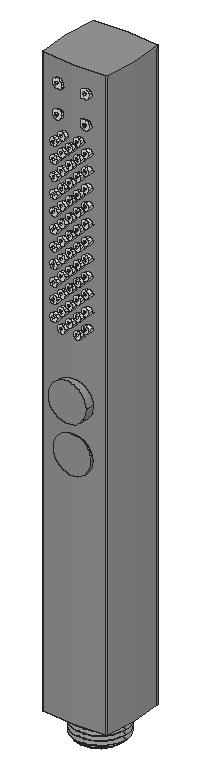
Revit family "Shower-Handshower-KOHLER-SHIFT-K-21336T", category Plumbing Fixtures, host Face, Revit 2017 (continued)
Definition of nested family "K-21336T"
  Lines and regions (in)
    symbolic lines, detail levels medium+fine
      curve 346: line (-0.33215, -0.59022, 0) -> (-0.30122, -0.59022, 0)
      curve 347: line (-0.30122, -0.59022, 0) -> (-0.30122, -0.65484, 0)
      curve 348: line (-0.20588, -0.56127, 0) -> (-0.20588, -0.59022, 0)
      curve 349: line (-0.20588, -0.59022, 0) -> (-0.08272, -0.59022, 0)
      curve 350: line (-0.08272, -0.54964, 0) -> (-0.08272, -0.59022, 0)
      curve 351: line (-0.07878, -0.54973, 0) -> (-0.07878, -0.59022, 0)
      curve 352: line (-0.07878, -0.59022, 0) -> (0.04218, -0.59022, 0)
      curve 353: line (0.04218, -0.59022, 0) -> (0.04218, -0.5499, 0)
      curve 354: line (0.04623, -0.54981, 0) -> (0.04623, -0.59022, 0)
      curve 355: line (0.04623, -0.59022, 0) -> (0.16919, -0.59022, 0)
      curve 356: line (0.16919, -0.56127, 0) -> (0.16919, -0.59022, 0)
      curve 357: line (0.1732, -0.56127, 0) -> (0.1732, -0.59022, 0)
      curve 358: line (0.1732, -0.59022, 0) -> (0.29554, -0.59022, 0)
      curve 359: line (0.29554, -0.53505, 0) -> (0.29554, -0.59022, 0)
      curve 360: line (0.51212, 0, 0.39173) -> (0.51212, 0, 9.84252)
      curve 361: line (-0.51705, 0, 0.39173) -> (-0.51705, 0, 9.84055)
      curve 362: line (-0.318, -0.56127, 0) -> (-0.16781, -0.56127, 0)
      curve 363: line (-0.16781, -0.54624, 0) -> (-0.16781, -0.56127, 0)
      curve 364: line (-0.318, -0.53385, 0) -> (-0.318, -0.56127, 0)
      curve 365: arc (-0.33197, -0.53228, 0) -> (-0.10501, -0.549, 0) -> (0.12257, -0.54709, 0) r 2.77917
      curve 366: arc (0.30272, -0.53722, 0) -> (0.21274, -0.54393, 0) -> (0.12257, -0.54709, 0) r 2.28782
      curve 367: line (0.13116, -0.54695, 0) -> (0.13116, -0.56127, 0)
      curve 368: line (0.13116, -0.56127, 0) -> (0.28146, -0.56127, 0)
      curve 369: line (0.28146, -0.53913, 0) -> (0.28146, -0.56127, 0)
      curve 370: line (0, -0.55118, 8.84521) -> (0, -0.55118, 5.961)
  Dimensions and locks (in)
    locked: plane 4 to level at 9.84252
    equal spacing: plane 5, plane 1 "Center (Front/Back)", plane 7, locked at 0.55118 each
    locked: plane 5 to plane 7 at 1.10236
    aligned and locked: plane 2 to level
    aligned and locked: curve 129 to cut or joined group of Extrusion 4, Extrusion 5
    aligned and locked: curve 285 to cut or joined group of Extrusion 2, Extrusion 8, Revolve 9
  Automatic sketch dimensions
    Extrusion 2 sketch curve to plane 3 "Center (Left/Right)" = 0"  (x2)
    Extrusion 2 sketch curve to plane 3 "Center (Left/Right)" = 0.01584"  (x2)
    plane 3 "Center (Left/Right)" to Extrusion 2 sketch curve = 0.01584"  (x2)
    Extrusion 2 sketch curve to plane 5 = 2.45559"
    Extrusion 2 sketch curve to Extrusion 2 sketch curve = 0"  (x3)
    plane 7 to Extrusion 2 sketch curve = 0.06685"  (x2)
    Extrusion 2 sketch curve to plane 3 "Center (Left/Right)" = 0.48415"
    plane 1 "Center (Front/Back)" to Extrusion 2 sketch curve = 0"  (x2)
    plane 1 "Center (Front/Back)" to Extrusion 2 sketch curve = 0.0343"  (x2)
    Extrusion 2 sketch curve to Extrusion 2 sketch curve = 2.78527"
    Extrusion 2 sketch curve to plane 1 "Center (Front/Back)" = 0.0343"  (x2)
    plane 5 to Extrusion 2 sketch curve = 0.06685"  (x2)
    plane 6 to Extrusion 2 sketch curve = 2.18065"
    Extrusion 2 sketch curve to Extrusion 2 sketch curve = 2.74976"
    Extrusion 4 sketch curve to Extrusion 4 sketch curve = 0"  (x128)
    Extrusion 4 sketch curve to plane 3 "Center (Left/Right)" = 0.27169"
    Extrusion 4 sketch curve to plane 3 "Center (Left/Right)" = 0.27115"
    Extrusion 4 sketch curve to plane 3 "Center (Left/Right)" = 0.271"
    Extrusion 4 sketch curve to plane 3 "Center (Left/Right)" = 0.27097"
    Extrusion 4 sketch curve to Extrusion 4 sketch curve = 0.00019"
    Extrusion 4 sketch curve to Extrusion 4 sketch curve = 0.00042"
    Extrusion 4 sketch curve to Extrusion 4 sketch curve = 0.00089"
    Extrusion 4 sketch curve to plane 3 "Center (Left/Right)" = 0.2429"
    Extrusion 4 sketch curve to plane 3 "Center (Left/Right)" = 0.24288"
    Extrusion 4 sketch curve to Extrusion 4 sketch curve = 0.04936"  (x2)
    Extrusion 4 sketch curve to Extrusion 4 sketch curve = 0.05324"
    Extrusion 4 sketch curve to Extrusion 4 sketch curve = 0.02571"
    Extrusion 4 sketch curve to Extrusion 4 sketch curve = 0.02572"  (x4)
    Extrusion 4 sketch curve to Extrusion 4 sketch curve = 0.02186"  (x2)
    Extrusion 4 sketch curve to plane 3 "Center (Left/Right)" = 0.14546"  (x4)
    Extrusion 4 sketch curve to plane 3 "Center (Left/Right)" = 0.14529"
    Extrusion 4 sketch curve to plane 3 "Center (Left/Right)" = 0.14491"
    Extrusion 4 sketch curve to plane 3 "Center (Left/Right)" = 0.14465"
    Extrusion 4 sketch curve to plane 3 "Center (Left/Right)" = 0.14447"
    Extrusion 4 sketch curve to plane 3 "Center (Left/Right)" = 0.14446"
    Extrusion 4 sketch curve to plane 3 "Center (Left/Right)" = 0.14413"
    Extrusion 4 sketch curve to plane 3 "Center (Left/Right)" = 0.14382"
    Extrusion 4 sketch curve to plane 3 "Center (Left/Right)" = 0.1432"
    Extrusion 4 sketch curve to plane 3 "Center (Left/Right)" = 0.01828"  (x11)
    plane 3 "Center (Left/Right)" to Extrusion 4 sketch curve = 0.10663"
    plane 3 "Center (Left/Right)" to Extrusion 4 sketch curve = 0.10726"
    plane 3 "Center (Left/Right)" to Extrusion 4 sketch curve = 0.10757"
    plane 3 "Center (Left/Right)" to Extrusion 4 sketch curve = 0.1079"  (x2)
    plane 3 "Center (Left/Right)" to Extrusion 4 sketch curve = 0.10809"
    plane 3 "Center (Left/Right)" to Extrusion 4 sketch curve = 0.10835"
    plane 3 "Center (Left/Right)" to Extrusion 4 sketch curve = 0.10873"
    plane 3 "Center (Left/Right)" to Extrusion 4 sketch curve = 0.10889"  (x4)
    plane 3 "Center (Left/Right)" to Extrusion 4 sketch curve = 0.13123"  (x2)
    Extrusion 4 sketch curve to Extrusion 4 sketch curve = 0.0751"
    Extrusion 4 sketch curve to Extrusion 4 sketch curve = 0.12562"
    Extrusion 4 sketch curve to Extrusion 4 sketch curve = 0.12645"  (x3)
    Extrusion 4 sketch curve to Extrusion 4 sketch curve = 0.1265"  (x4)
    Extrusion 4 sketch curve to Extrusion 4 sketch curve = 0.12552"  (x5)
    Extrusion 4 sketch curve to Extrusion 4 sketch curve = 0.12571"  (x3)
    Extrusion 4 sketch curve to Extrusion 4 sketch curve = 0.12678"
    Extrusion 4 sketch curve to plane 4 = 3.82105"
    Extrusion 4 sketch curve to Extrusion 4 sketch curve = 1/8"  (x5)
    Extrusion 4 sketch curve to Extrusion 4 sketch curve = 0.12717"
    Extrusion 4 sketch curve to Extrusion 4 sketch curve = 0.12673"  (x2)
    Extrusion 4 sketch curve to Extrusion 4 sketch curve = 0.12327"
    Extrusion 4 sketch curve to Extrusion 4 sketch curve = 0.12578"  (x2)
    Extrusion 4 sketch curve to Extrusion 4 sketch curve = 0.12509"
    Extrusion 4 sketch curve to Extrusion 4 sketch curve = 0.12594"  (x2)
    Extrusion 4 sketch curve to Extrusion 4 sketch curve = 0.12701"  (x2)
    Extrusion 4 sketch curve to Extrusion 4 sketch curve = 0.12459"
    Extrusion 4 sketch curve to Extrusion 4 sketch curve = 0.12689"  (x2)
    Extrusion 4 sketch curve to Extrusion 4 sketch curve = 0.12506"  (x2)
    Extrusion 4 sketch curve to Extrusion 4 sketch curve = 0.12494"  (x2)
    Extrusion 4 sketch curve to Extrusion 4 sketch curve = 0.12654"
    Extrusion 4 sketch curve to Extrusion 4 sketch curve = 0.12641"  (x2)
    Extrusion 4 sketch curve to Extrusion 4 sketch curve = 0.12359"
    Extrusion 4 sketch curve to Extrusion 4 sketch curve = 0.12482"  (x2)
    Extrusion 4 sketch curve to Extrusion 4 sketch curve = 0.12683"  (x2)
    Extrusion 4 sketch curve to Extrusion 4 sketch curve = 0.12577"
    Extrusion 4 sketch curve to Extrusion 4 sketch curve = 0.12695"  (x2)
    Extrusion 4 sketch curve to Extrusion 4 sketch curve = 0.12523"  (x2)
    Extrusion 4 sketch curve to Extrusion 4 sketch curve = 0.12601"
    Extrusion 4 sketch curve to Extrusion 4 sketch curve = 0.12693"  (x2)
    Extrusion 4 sketch curve to Extrusion 4 sketch curve = 0.12507"  (x2)
    Extrusion 4 sketch curve to Extrusion 4 sketch curve = 0.12792"
    Extrusion 4 sketch curve to Extrusion 4 sketch curve = 0.12557"  (x2)
    Extrusion 4 sketch curve to Extrusion 4 sketch curve = 0.12423"
    Extrusion 4 sketch curve to Extrusion 4 sketch curve = 0.12454"  (x2)
    Extrusion 4 sketch curve to Extrusion 4 sketch curve = 0.12649"  (x2)
    Extrusion 4 sketch curve to Extrusion 4 sketch curve = 0.26355"  (x2)
    Extrusion 4 sketch curve to Extrusion 4 sketch curve = 0.00017"  (x2)
    Extrusion 4 sketch curve to Extrusion 4 sketch curve = 0.29903"  (x2)
    Extrusion 4 sketch curve to Extrusion 4 sketch curve = 0.05305"  (x2)
    Extrusion 5 sketch curve to plane 5 = 1 153/256"  (x2)
    Extrusion 5 sketch curve to plane 5 = 0.03904"
    Extrusion 5 sketch curve to plane 5 = 0.01009"
    Extrusion 5 sketch curve to plane 4 = 3.95528"
    Extrusion 5 sketch curve to plane 4 = 0.90049"
    Extrusion 5 sketch curve to Extrusion 5 sketch curve = 0.02681"
    Extrusion 5 sketch curve to plane 4 = 0.19764"
    Revolve 3 sketch curve to level = 0"  (x2)
    Revolve 3 sketch curve to plane 3 "Center (Left/Right)" = 0"  (x2)
    Revolve 3 sketch curve to plane 3 "Center (Left/Right)" = 0.19694"
    Revolve 3 sketch curve to Revolve 3 sketch curve = 0.08653"
    Revolve 3 sketch curve to Revolve 3 sketch curve = 0.09859"
    Revolve 3 sketch curve to Revolve 3 sketch curve = 0.03543"
    Revolve 3 sketch curve to Revolve 3 sketch curve = 0.01187"
    Revolve 3 sketch curve to Revolve 3 sketch curve = 0.04715"
    Revolve 3 sketch curve to Revolve 3 sketch curve = 0.06304"
    level to Revolve 3 sketch curve = 0.04441"
    Revolve 3 sketch curve to Revolve 3 sketch curve = 0.01266"
    Revolve 3 sketch curve to Revolve 3 sketch curve = 0.00346"
    Revolve 3 sketch curve to Revolve 3 sketch curve = 0.00003"
    Revolve 3 sketch curve to Revolve 3 sketch curve = 0.0004"
    level to Revolve 3 sketch curve = 0.11033"
    Revolve 3 sketch curve to Revolve 3 sketch curve = 0.00163"
    level to Revolve 3 sketch curve = 0.07549"
    Revolve 3 sketch curve to Revolve 3 sketch curve = 0.04786"
    Revolve 3 sketch curve to Revolve 3 sketch curve = 0.04745"
    Revolve 3 sketch curve to Revolve 3 sketch curve = 0.04726"
    level to Revolve 3 sketch curve = 0.14556"
    Revolve 3 sketch curve to Revolve 3 sketch curve = 0.04676"
    Revolve 3 sketch curve to Revolve 3 sketch curve = 0.0719"
    Revolve 3 sketch curve to Revolve 3 sketch curve = 0.03704"
    Revolve 3 sketch curve to Revolve 3 sketch curve = 0.03561"
    Revolve 3 sketch curve to Revolve 3 sketch curve = 0.03628"
    Revolve 3 sketch curve to Revolve 3 sketch curve = 0.03446"
    Revolve 3 sketch curve to Revolve 3 sketch curve = 0.0263"
    Revolve 3 sketch curve to Revolve 3 sketch curve = 0.00123"
    Revolve 3 sketch curve to Revolve 3 sketch curve = 0.04134"
    Revolve 3 sketch curve to Revolve 3 sketch curve = 0.05912"
    Revolve 3 sketch curve to Revolve 3 sketch curve = 0.1771"
    Revolve 3 sketch curve to Revolve 3 sketch curve = 0.07874"
    Revolve 3 sketch curve to Revolve 3 sketch curve = 0.08268"
    Revolve 3 sketch curve to Revolve 3 sketch curve = 0.0748"
    Revolve 3 sketch curve to level = 0.19034"
    Revolve 3 sketch curve to Revolve 3 sketch curve = 0.0474"
    level to Revolve 3 sketch curve = 0.02597"
    Revolve 3 sketch curve to Revolve 3 sketch curve = 0.01331"
    Revolve 3 sketch curve to level = 0.05103"
    Revolve 3 sketch curve to Revolve 3 sketch curve = 0.02166"
    Extrusion 6 sketch curve to plane 3 "Center (Left/Right)" = 0"
    Extrusion 6 sketch curve to plane 4 = 4.79095"
    Extrusion 7 sketch curve to plane 3 "Center (Left/Right)" = 0"
    level to Extrusion 7 sketch curve = 4.26322"
    Extrusion 1 sketch curve to plane 3 "Center (Left/Right)" = 0"  (x2)
    plane 5 to Extrusion 1 sketch curve = 0.06183"
    Extrusion 1 sketch curve to plane 3 "Center (Left/Right)" = 0.49011"
    plane 7 to Extrusion 1 sketch curve = 0.06014"
    Extrusion 1 sketch curve to plane 3 "Center (Left/Right)" = 0.49429"
    Extrusion 1 sketch curve to plane 1 "Center (Front/Back)" = 0.00791"  (x2)
    Extrusion 1 sketch curve to Extrusion 1 sketch curve = 2.63046"
    plane 5 to Extrusion 1 sketch curve = 0.06218"
    plane 3 "Center (Left/Right)" to Extrusion 1 sketch curve = 0.48976"
    plane 7 to Extrusion 1 sketch curve = 0.06186"
    plane 3 "Center (Left/Right)" to Extrusion 1 sketch curve = 0.4926"
    Extrusion 1 sketch curve to plane 7 = 2.18347"
    Extrusion 1 sketch curve to Extrusion 1 sketch curve = 0.00373"
    Extrusion 1 sketch curve to Extrusion 1 sketch curve = 0"  (x5)
    Extrusion 1 sketch curve to Extrusion 1 sketch curve = 0.02276"
    Extrusion 1 sketch curve to Extrusion 1 sketch curve = 0.00369"
    Masking region 1 sketch curve to level = 0"
    Masking region 1 sketch curve to plane 3 "Center (Left/Right)" = 0.54896"
    level to Masking region 1 sketch curve = 0.14556"  (x2)
    Masking region 1 sketch curve to Masking region 1 sketch curve = 0.1391"
    Masking region 1 sketch curve to Masking region 1 sketch curve = 0.00015"
    Masking region 1 sketch curve to Masking region 1 sketch curve = 0.00023"
    level to Masking region 1 sketch curve = 0.07549"  (x2)
    Masking region 1 sketch curve to Masking region 1 sketch curve = 0.00052"
    level to Masking region 1 sketch curve = 0.11033"  (x2)
    Masking region 1 sketch curve to Masking region 1 sketch curve = 0.04623"
    Masking region 1 sketch curve to Masking region 1 sketch curve = 0.04726"  (x2)
    Masking region 1 sketch curve to Masking region 1 sketch curve = 0.04743"
    Masking region 1 sketch curve to Masking region 1 sketch curve = 0.04745"  (x2)
    level to Masking region 1 sketch curve = 0.04441"  (x2)
    Masking region 1 sketch curve to Masking region 1 sketch curve = 0.04786"  (x2)
    Masking region 1 sketch curve to Masking region 1 sketch curve = 0.03395"
    level to Masking region 1 sketch curve = 0.03922"
    Masking region 1 sketch curve to Masking region 1 sketch curve = 0.03688"
    level to Masking region 1 sketch curve = 0.03949"
    plane 3 "Center (Left/Right)" to Masking region 1 sketch curve = 0.32648"
    Masking region 1 sketch curve to level = 0.03689"
    Masking region 1 sketch curve to Masking region 1 sketch curve = 0.00467"
    Masking region 1 sketch curve to Masking region 1 sketch curve = 0.01766"
    Masking region 1 sketch curve to Masking region 1 sketch curve = 0.03499"
    Masking region 1 sketch curve to Masking region 1 sketch curve = 0.00056"
    Masking region 1 sketch curve to Masking region 1 sketch curve = 0.00003"
    Masking region 1 sketch curve to Masking region 1 sketch curve = 0.0004"
    Masking region 1 sketch curve to Masking region 1 sketch curve = 0.00163"
    level to Masking region 1 sketch curve = 0.02597"  (x2)
    Masking region 1 sketch curve to Masking region 1 sketch curve = 0.04676"
    Masking region 1 sketch curve to plane 4 = 0.00197"
    plane 3 "Center (Left/Right)" to Masking region 1 sketch curve = 0.54896"
    Masking region 1 sketch curve to Masking region 1 sketch curve = 0.03704"  (x2)
    Masking region 1 sketch curve to Masking region 1 sketch curve = 0.03561"  (x2)
    Masking region 1 sketch curve to Masking region 1 sketch curve = 0.03628"  (x2)
    Masking region 1 sketch curve to Masking region 1 sketch curve = 0.03446"  (x2)
    Masking region 1 sketch curve to Masking region 1 sketch curve = 0.0263"  (x2)
    Masking region 1 sketch curve to Masking region 1 sketch curve = 0.07648"
    Masking region 1 sketch curve to Masking region 1 sketch curve = 0.10278"
    Masking region 1 sketch curve to Masking region 1 sketch curve = 0.01331"
    Masking region 1 sketch curve to Masking region 1 sketch curve = 0.02597"
    Masking region 3 sketch curve to plane 3 "Center (Left/Right)" = 0"  (x2)
    Masking region 3 sketch curve to plane 5 = 0.10366"
    Masking region 3 sketch curve to plane 3 "Center (Left/Right)" = 0.33155"
    plane 5 to Masking region 3 sketch curve = 0.0623"
    Masking region 3 sketch curve to Masking region 3 sketch curve = 0.15812"
    plane 7 to Masking region 3 sketch curve = 0.06014"
    Masking region 3 sketch curve to plane 3 "Center (Left/Right)" = 0.49429"
    Masking region 3 sketch curve to plane 3 "Center (Left/Right)" = 1.33381"
    Masking region 3 sketch curve to plane 1 "Center (Front/Back)" = 0.00791"  (x2)
    Masking region 3 sketch curve to Masking region 3 sketch curve = 2.63046"
    Masking region 3 sketch curve to Masking region 3 sketch curve = 0.30248"
    plane 5 to Masking region 3 sketch curve = 0.06218"
    Masking region 3 sketch curve to Masking region 3 sketch curve = 0.18727"
    plane 7 to Masking region 3 sketch curve = 0.06186"
    plane 3 "Center (Left/Right)" to Masking region 3 sketch curve = 0.4926"
    plane 3 "Center (Left/Right)" to Masking region 3 sketch curve = 1.33381"
    Masking region 3 sketch curve to Masking region 3 sketch curve = 2.63214"
    Masking region 3 sketch curve to Masking region 3 sketch curve = 2.0798"
    Masking region 3 sketch curve to Masking region 3 sketch curve = 5.96196"
    Masking region 3 sketch curve to Masking region 3 sketch curve = 0"  (x5)
    plane 5 to Masking region 3 sketch curve = 0.01538"
    Masking region 3 sketch curve to Masking region 3 sketch curve = 0.00259"
    Masking region 3 sketch curve to Masking region 3 sketch curve = 0.00379"
    Extrusion 8 sketch curve to plane 3 "Center (Left/Right)" = 0"  (x2)
    Extrusion 8 sketch curve to plane 1 "Center (Front/Back)" = 0.00791"  (x2)
    Extrusion 8 sketch curve to plane 5 = 2.18347"
    plane 7 to Extrusion 8 sketch curve = 0.0405"  (x2)
    Extrusion 8 sketch curve to plane 3 "Center (Left/Right)" = 0.51439"
    plane 5 to Extrusion 8 sketch curve = 0.04014"  (x2)
    Extrusion 8 sketch curve to Extrusion 8 sketch curve = 2.61035"
    Extrusion 8 sketch curve to plane 7 = 2.18347"
    Revolve 9 sketch curve to plane 3 "Center (Left/Right)" = 0"  (x2)
    Revolve 9 sketch curve to Revolve 9 sketch curve = 0.36203"
    Revolve 9 sketch curve to level = 0.00197"
    level to Revolve 9 sketch curve = 0.39131"
    Revolve 9 sketch curve to Revolve 9 sketch curve = 0.23794"
    Revolve 9 sketch curve to Revolve 9 sketch curve = 0"
    curve 14 to curve 18 = 0"  (x2)
    curve 14 to curve 19 = 0"  (x2)
    curve 18 to curve 19 = 0"  (x2)
    curve 20 to curve 21 = 0"  (x2)
    curve 20 to curve 22 = 0"  (x2)
    curve 21 to curve 22 = 0"  (x2)
    curve 27 to curve 31 = 0"  (x2)
    curve 27 to curve 32 = 0"  (x2)
    curve 31 to curve 32 = 0"  (x2)
    curve 36 to curve 37 = 0"  (x2)
    curve 36 to curve 38 = 0"  (x2)
    curve 37 to curve 38 = 0"  (x2)
    curve 39 to curve 40 = 0"  (x2)
    curve 39 to curve 41 = 0"  (x2)
    curve 39 to curve 42 = 0"  (x2)
    curve 40 to curve 41 = 0"  (x2)
    curve 40 to curve 42 = 0"  (x2)
    curve 41 to curve 42 = 0"  (x2)
    curve 43 to curve 44 = 0"  (x2)
    curve 43 to curve 45 = 0"  (x2)
    curve 43 to curve 46 = 0"  (x2)
    curve 44 to curve 45 = 0"  (x2)
    curve 44 to curve 46 = 0"  (x2)
    curve 45 to curve 46 = 0"  (x2)
    curve 47 to curve 48 = 0"  (x2)
    curve 47 to curve 49 = 0"  (x2)
    curve 47 to curve 50 = 0"  (x2)
    curve 48 to curve 49 = 0"  (x2)
    curve 48 to curve 50 = 0"  (x2)
    curve 49 to curve 50 = 0"  (x2)
    curve 51 to curve 52 = 0"  (x2)
    curve 51 to curve 53 = 0"  (x2)
    curve 51 to curve 54 = 0"  (x2)
    curve 52 to curve 53 = 0"  (x2)
    curve 52 to curve 54 = 0"  (x2)
    curve 53 to curve 54 = 0"  (x2)
    curve 55 to curve 56 = 0"  (x2)
    curve 55 to curve 57 = 0"  (x2)
    curve 55 to curve 58 = 0"  (x2)
    curve 56 to curve 57 = 0"  (x2)
    curve 56 to curve 58 = 0"  (x2)
    curve 57 to curve 58 = 0"  (x2)
    curve 59 to curve 60 = 0"  (x2)
    curve 59 to curve 61 = 0"  (x2)
    curve 59 to curve 62 = 0"  (x2)
    curve 60 to curve 61 = 0"  (x2)
    curve 60 to curve 62 = 0"  (x2)
    curve 61 to curve 62 = 0"  (x2)
    curve 63 to curve 64 = 0"  (x2)
    curve 63 to curve 65 = 0"  (x2)
    curve 63 to curve 66 = 0"  (x2)
    curve 64 to curve 65 = 0"  (x2)
    curve 64 to curve 66 = 0"  (x2)
    curve 65 to curve 66 = 0"  (x2)
    curve 67 to curve 68 = 0"  (x2)
    curve 67 to curve 69 = 0"  (x2)
    curve 67 to curve 70 = 0"  (x2)
    curve 68 to curve 69 = 0"  (x2)
    curve 68 to curve 70 = 0"  (x2)
    curve 69 to curve 70 = 0"  (x2)
    curve 71 to curve 72 = 0"  (x2)
    curve 71 to curve 73 = 0"  (x2)
    curve 71 to curve 74 = 0"  (x2)
    curve 72 to curve 73 = 0"  (x2)
    curve 72 to curve 74 = 0"  (x2)
    curve 73 to curve 74 = 0"  (x2)
    curve 75 to curve 76 = 0"  (x2)
    curve 75 to curve 77 = 0"  (x2)
    curve 75 to curve 78 = 0"  (x2)
    curve 76 to curve 77 = 0"  (x2)
    curve 76 to curve 78 = 0"  (x2)
    curve 77 to curve 78 = 0"  (x2)
    curve 79 to curve 80 = 0"  (x2)
    curve 79 to curve 81 = 0"  (x2)
    curve 79 to curve 82 = 0"  (x2)
    curve 80 to curve 81 = 0"  (x2)
    curve 80 to curve 82 = 0"  (x2)
    curve 81 to curve 82 = 0"  (x2)
    curve 83 to curve 84 = 0"  (x2)
    curve 83 to curve 85 = 0"  (x2)
    curve 83 to curve 86 = 0"  (x2)
    curve 84 to curve 85 = 0"  (x2)
    curve 84 to curve 86 = 0"  (x2)
    curve 85 to curve 86 = 0"  (x2)
    curve 87 to curve 88 = 0"  (x2)
    curve 87 to curve 89 = 0"  (x2)
    curve 87 to curve 90 = 0"  (x2)
    curve 88 to curve 89 = 0"  (x2)
    curve 88 to curve 90 = 0"  (x2)
    curve 89 to curve 90 = 0"  (x2)
    curve 91 to curve 92 = 0"  (x2)
    curve 91 to curve 93 = 0"  (x2)
    curve 91 to curve 94 = 0"  (x2)
    curve 92 to curve 93 = 0"  (x2)
    curve 92 to curve 94 = 0"  (x2)
    curve 93 to curve 94 = 0"  (x2)
    curve 95 to curve 96 = 0"  (x2)
    curve 95 to curve 97 = 0"  (x2)
    curve 95 to curve 98 = 0"  (x2)
    curve 96 to curve 97 = 0"  (x2)
    curve 96 to curve 98 = 0"  (x2)
    curve 97 to curve 98 = 0"  (x2)
    curve 99 to curve 100 = 0"  (x2)
    curve 99 to curve 101 = 0"  (x2)
    curve 99 to curve 106 = 0"  (x2)
    curve 99 to curve 107 = 0"  (x2)
    curve 99 to curve 108 = 0"  (x2)
    curve 99 to curve 110 = 0"  (x2)
    curve 100 to curve 101 = 0"  (x2)
    curve 100 to curve 106 = 0"  (x3)
    curve 100 to curve 107 = 0"  (x2)
    curve 100 to curve 108 = 0"  (x2)
    curve 100 to curve 110 = 0"  (x2)
    curve 101 to curve 106 = 0"  (x2)
    curve 101 to curve 107 = 0"  (x2)
    curve 101 to curve 108 = 0"  (x2)
    curve 101 to curve 110 = 0"  (x2)
    curve 102 to curve 103 = 0"  (x2)
    curve 102 to curve 104 = 0"  (x2)
    curve 102 to curve 105 = 0"  (x2)
    curve 102 to curve 109 = 0"  (x3)
    curve 103 to curve 104 = 0"  (x2)
    curve 103 to curve 105 = 0"  (x2)
    curve 103 to curve 109 = 0"  (x2)
    curve 104 to curve 105 = 0"  (x2)
    curve 104 to curve 109 = 0"  (x2)
    curve 105 to curve 109 = 0"  (x2)
    curve 106 to curve 107 = 0"  (x2)
    curve 106 to curve 108 = 0"  (x2)
    curve 106 to curve 110 = 0"  (x2)
    curve 107 to curve 108 = 0"  (x2)
    curve 107 to curve 110 = 0"  (x2)
    curve 108 to curve 110 = 0"  (x2)
    curve 111 to curve 112 = 0"  (x2)
    curve 111 to curve 113 = 0"  (x2)
    curve 111 to curve 114 = 0"  (x2)
    curve 112 to curve 113 = 0"  (x2)
    curve 112 to curve 114 = 0"  (x2)
    curve 113 to curve 114 = 0"  (x2)
    curve 115 to curve 116 = 0"  (x2)
    curve 115 to curve 117 = 0"  (x2)
    curve 115 to curve 118 = 0"  (x2)
    curve 116 to curve 117 = 0"  (x2)
    curve 116 to curve 118 = 0"  (x2)
    curve 117 to curve 118 = 0"  (x2)
    curve 119 to curve 120 = 0"  (x2)
    curve 119 to curve 121 = 0"  (x2)
    curve 119 to curve 122 = 0"  (x2)
    curve 120 to curve 121 = 0"  (x2)
    curve 120 to curve 122 = 0"  (x2)
    curve 121 to curve 122 = 0"  (x2)
    curve 123 to curve 124 = 0"  (x2)
    curve 123 to curve 125 = 0"  (x2)
    curve 123 to curve 126 = 0"  (x2)
    curve 124 to curve 125 = 0"  (x2)
    curve 124 to curve 126 = 0"  (x2)
    curve 125 to curve 126 = 0"  (x2)
    curve 127 to curve 128 = 0"  (x2)
    curve 131 to curve 132 = 0"  (x2)
    curve 131 to curve 133 = 0"  (x2)
    curve 131 to curve 134 = 0"  (x2)
    curve 132 to curve 133 = 0"  (x2)
    curve 132 to curve 134 = 0"  (x2)
    curve 133 to curve 134 = 0"  (x2)
    curve 135 to curve 136 = 0"  (x2)
    curve 135 to curve 137 = 0"  (x2)
    curve 135 to curve 138 = 0"  (x2)
    curve 136 to curve 137 = 0"  (x2)
    curve 136 to curve 138 = 0"  (x2)
    curve 137 to curve 138 = 0"  (x2)
    curve 139 to curve 140 = 0"  (x2)
    curve 139 to curve 141 = 0"  (x2)
    curve 139 to curve 142 = 0"  (x2)
    curve 140 to curve 141 = 0"  (x2)
    curve 140 to curve 142 = 0"  (x2)
    curve 141 to curve 142 = 0"  (x2)
    curve 143 to curve 144 = 0"  (x2)
    curve 143 to curve 145 = 0"  (x2)
    curve 143 to curve 146 = 0"  (x2)
    curve 144 to curve 145 = 0"  (x2)
    curve 144 to curve 146 = 0"  (x2)
    curve 145 to curve 146 = 0"  (x2)
    curve 147 to curve 148 = 0"  (x2)
    curve 147 to curve 149 = 0"  (x2)
    curve 147 to curve 150 = 0"  (x2)
    curve 148 to curve 149 = 0"  (x2)
    curve 148 to curve 150 = 0"  (x2)
    curve 149 to curve 150 = 0"  (x2)
    curve 151 to curve 152 = 0"  (x2)
    curve 151 to curve 153 = 0"  (x2)
    curve 151 to curve 154 = 0"  (x2)
    curve 152 to curve 153 = 0"  (x2)
    curve 152 to curve 154 = 0"  (x2)
    curve 153 to curve 154 = 0"  (x2)
    curve 155 to curve 156 = 0"  (x2)
    curve 155 to curve 157 = 0"  (x2)
    curve 155 to curve 158 = 0"  (x2)
    curve 155 to curve 163 = 0"  (x2)
    curve 156 to curve 157 = 0"  (x2)
    curve 156 to curve 158 = 0"  (x2)
    curve 156 to curve 163 = 0"  (x2)
    curve 157 to curve 158 = 0"  (x2)
    curve 157 to curve 163 = 0"  (x2)
    curve 158 to curve 163 = 0"  (x2)
    curve 159 to curve 160 = 0"  (x2)
    curve 159 to curve 161 = 0"  (x2)
    curve 159 to curve 162 = 0"  (x2)
    curve 160 to curve 161 = 0"  (x2)
    curve 160 to curve 162 = 0"  (x2)
    curve 161 to curve 162 = 0"  (x2)
    curve 164 to curve 165 = 0"  (x2)
    curve 164 to curve 166 = 0"  (x2)
    curve 164 to curve 167 = 0"  (x2)
    curve 165 to curve 166 = 0"  (x2)
    curve 165 to curve 167 = 0"  (x2)
    curve 166 to curve 167 = 0"  (x2)
    curve 168 to curve 169 = 0"  (x2)
    curve 168 to curve 170 = 0"  (x2)
    curve 168 to curve 171 = 0"  (x2)
    curve 169 to curve 170 = 0"  (x2)
    curve 169 to curve 171 = 0"  (x2)
    curve 170 to curve 171 = 0"  (x2)
    curve 172 to curve 173 = 0"  (x2)
    curve 172 to curve 174 = 0"  (x2)
    curve 172 to curve 175 = 0"  (x2)
    curve 173 to curve 174 = 0"  (x2)
    curve 173 to curve 175 = 0"  (x2)
    curve 174 to curve 175 = 0"  (x2)
    curve 176 to curve 177 = 0"  (x2)
    curve 176 to curve 178 = 0"  (x2)
    curve 176 to curve 179 = 0"  (x2)
    curve 177 to curve 178 = 0"  (x2)
    curve 177 to curve 179 = 0"  (x2)
    curve 178 to curve 179 = 0"  (x2)
    curve 180 to curve 181 = 0"  (x2)
    curve 180 to curve 182 = 0"  (x2)
    curve 180 to curve 183 = 0"  (x2)
    curve 181 to curve 182 = 0"  (x2)
    curve 181 to curve 183 = 0"  (x2)
    curve 182 to curve 183 = 0"  (x2)
    curve 184 to curve 189 = 0"  (x2)
    curve 184 to curve 192 = 0"  (x2)
    curve 184 to curve 193 = 0"  (x2)
    curve 185 to curve 186 = 0"  (x2)
    curve 185 to curve 187 = 0"  (x2)
    curve 185 to curve 188 = 0"  (x2)
    curve 186 to curve 187 = 0"  (x2)
    curve 186 to curve 188 = 0"  (x2)
    curve 187 to curve 188 = 0"  (x2)
    curve 189 to curve 192 = 0"  (x2)
    curve 189 to curve 193 = 0"  (x2)
    curve 190 to curve 191 = 0"  (x2)
    curve 190 to curve 194 = 0"  (x2)
    curve 190 to curve 195 = 0"  (x2)
    curve 191 to curve 194 = 0"  (x2)
    curve 191 to curve 195 = 0"  (x2)
    curve 192 to curve 193 = 0"  (x2)
    curve 194 to curve 195 = 0"  (x2)
    curve 196 to curve 197 = 0"  (x2)
    curve 196 to curve 198 = 0"  (x2)
    curve 196 to curve 199 = 0"  (x2)
    curve 197 to curve 198 = 0"  (x2)
    curve 197 to curve 199 = 0"  (x2)
    curve 198 to curve 199 = 0"  (x2)
    curve 200 to curve 201 = 0"  (x2)
    curve 200 to curve 202 = 0"  (x2)
    curve 200 to curve 203 = 0"  (x2)
    curve 201 to curve 202 = 0"  (x2)
    curve 201 to curve 203 = 0"  (x2)
    curve 202 to curve 203 = 0"  (x2)
    curve 204 to curve 205 = 0"  (x2)
    curve 204 to curve 206 = 0"  (x2)
    curve 204 to curve 207 = 0"  (x2)
    curve 205 to curve 206 = 0"  (x2)
    curve 205 to curve 207 = 0"  (x2)
    curve 206 to curve 207 = 0"  (x2)
    curve 208 to curve 209 = 0"  (x2)
    curve 208 to curve 210 = 0"  (x2)
    curve 208 to curve 211 = 0"  (x2)
    curve 209 to curve 210 = 0"  (x2)
    curve 209 to curve 211 = 0"  (x2)
    curve 210 to curve 211 = 0"  (x2)
    curve 212 to curve 213 = 0"  (x2)
    curve 212 to curve 214 = 0"  (x2)
    curve 212 to curve 215 = 0"  (x2)
    curve 213 to curve 214 = 0"  (x2)
    curve 213 to curve 215 = 0"  (x2)
    curve 214 to curve 215 = 0"  (x2)
    curve 216 to curve 217 = 0"  (x2)
    curve 216 to curve 218 = 0"  (x2)
    curve 216 to curve 219 = 0"  (x2)
    curve 217 to curve 218 = 0"  (x2)
    curve 217 to curve 219 = 0"  (x2)
    curve 218 to curve 219 = 0"  (x2)
    curve 220 to curve 221 = 0"  (x2)
    curve 220 to curve 222 = 0"  (x2)
    curve 220 to curve 223 = 0"  (x2)
    curve 221 to curve 222 = 0"  (x2)
    curve 221 to curve 223 = 0"  (x2)
    curve 222 to curve 223 = 0"  (x2)
    curve 224 to curve 225 = 0"  (x2)
    curve 224 to curve 226 = 0"  (x2)
    curve 224 to curve 227 = 0"  (x2)
    curve 225 to curve 226 = 0"  (x2)
    curve 225 to curve 227 = 0"  (x2)
    curve 226 to curve 227 = 0"  (x2)
    curve 228 to curve 229 = 0"  (x2)
    curve 228 to curve 230 = 0"  (x2)
    curve 228 to curve 231 = 0"  (x2)
    curve 229 to curve 230 = 0"  (x2)
    curve 229 to curve 231 = 0"  (x2)
    curve 230 to curve 231 = 0"  (x2)
    curve 232 to curve 233 = 0"  (x2)
    curve 232 to curve 234 = 0"  (x2)
    curve 232 to curve 235 = 0"  (x2)
    curve 233 to curve 234 = 0"  (x2)
    curve 233 to curve 235 = 0"  (x2)
    curve 234 to curve 235 = 0"  (x2)
    curve 236 to curve 237 = 0"  (x2)
    curve 236 to curve 238 = 0"  (x2)
    curve 236 to curve 239 = 0"  (x2)
    curve 237 to curve 238 = 0"  (x2)
    curve 237 to curve 239 = 0"  (x2)
    curve 238 to curve 239 = 0"  (x2)
    curve 240 to curve 241 = 0"  (x2)
    curve 240 to curve 242 = 0"  (x2)
    curve 240 to curve 243 = 0"  (x2)
    curve 241 to curve 242 = 0"  (x2)
    curve 241 to curve 243 = 0"  (x2)
    curve 242 to curve 243 = 0"  (x2)
    curve 244 to curve 245 = 0"  (x2)
    curve 244 to curve 246 = 0"  (x2)
    curve 244 to curve 247 = 0"  (x2)
    curve 245 to curve 246 = 0"  (x2)
    curve 245 to curve 247 = 0"  (x2)
    curve 246 to curve 247 = 0"  (x2)
    curve 248 to curve 249 = 0"  (x2)
    curve 248 to curve 250 = 0"  (x2)
    curve 248 to curve 251 = 0"  (x2)
    curve 249 to curve 250 = 0"  (x2)
    curve 249 to curve 251 = 0"  (x2)
    curve 250 to curve 251 = 0"  (x2)
    curve 252 to curve 253 = 0"  (x2)
    curve 252 to curve 254 = 0"  (x2)
    curve 252 to curve 255 = 0"  (x2)
    curve 253 to curve 254 = 0"  (x2)
    curve 253 to curve 255 = 0"  (x2)
    curve 254 to curve 255 = 0"  (x2)
    curve 256 to curve 257 = 0"  (x2)
    curve 256 to curve 258 = 0"  (x2)
    curve 256 to curve 259 = 0"  (x2)
    curve 257 to curve 258 = 0"  (x2)
    curve 257 to curve 259 = 0"  (x2)
    curve 258 to curve 259 = 0"  (x2)
    curve 260 to curve 261 = 0"  (x2)
    curve 260 to curve 262 = 0"  (x2)
    curve 260 to curve 263 = 0"  (x2)
    curve 261 to curve 262 = 0"  (x2)
    curve 261 to curve 263 = 0"  (x2)
    curve 262 to curve 263 = 0"  (x2)
    curve 264 to curve 265 = 0"  (x2)
    curve 264 to curve 266 = 0"  (x2)
    curve 264 to curve 267 = 0"  (x2)
    curve 265 to curve 266 = 0"  (x2)
    curve 265 to curve 267 = 0"  (x2)
    curve 266 to curve 267 = 0"  (x2)
    curve 268 to curve 269 = 0"  (x2)
    curve 268 to curve 270 = 0"  (x2)
    curve 268 to curve 271 = 0"  (x2)
    curve 269 to curve 270 = 0"  (x2)
    curve 269 to curve 271 = 0"  (x2)
    curve 270 to curve 271 = 0"  (x2)
    curve 272 to curve 273 = 0"  (x2)
    curve 274 to curve 275 = 0"  (x2)
    curve 272 to plane 3 "Center (Left/Right)" = 0"
    curve 274 to plane 3 "Center (Left/Right)" = 0"
    curve 17 to plane 3 "Center (Left/Right)" = 0.18966"
    curve 29 to plane 3 "Center (Left/Right)" = 0.19352"
    curve 26 to curve 26 = 0.04936"
    curve 14 to curve 17 = 0.05324"
    curve 88 to plane 3 "Center (Left/Right)" = 0.27027"
    curve 134 to curve 129 = 0.10213"
    curve 50 to plane 3 "Center (Left/Right)" = 0.27096"
    curve 182 to plane 3 "Center (Left/Right)" = 0.27097"
    curve 214 to plane 3 "Center (Left/Right)" = 0.27097"
    curve 212 to curve 232 = 0"
    curve 180 to curve 191 = 0"
    curve 232 to curve 255 = 0"
    curve 113 to curve 128 = 0.10255"
    curve 70 to curve 47 = 0.00019"
    curve 161 to curve 131 = 0.00111"
    curve 28 to curve 30 = 0.02571"
    curve 28 to curve 30 = 0.02572"
    curve 17 to curve 16 = 0.02186"
    curve 246 to plane 3 "Center (Left/Right)" = 0.14546"
    curve 186 to plane 3 "Center (Left/Right)" = 0.14546"
    curve 210 to plane 3 "Center (Left/Right)" = 0.14546"
    curve 264 to plane 3 "Center (Left/Right)" = 0.14546"
    curve 104 to plane 3 "Center (Left/Right)" = 0.14529"
    curve 167 to plane 3 "Center (Left/Right)" = 0.14491"
    curve 81 to plane 3 "Center (Left/Right)" = 0.14465"
    curve 42 to plane 3 "Center (Left/Right)" = 0.14447"
    curve 60 to plane 3 "Center (Left/Right)" = 0.14446"
    curve 144 to plane 3 "Center (Left/Right)" = 0.14413"
    curve 225 to plane 3 "Center (Left/Right)" = 0.1432"
    curve 53 to plane 3 "Center (Left/Right)" = 0.01828"
    curve 178 to plane 3 "Center (Left/Right)" = 0.01828"
    curve 258 to plane 3 "Center (Left/Right)" = 0.01828"
    curve 163 to plane 3 "Center (Left/Right)" = 0.01828"
    curve 73 to plane 3 "Center (Left/Right)" = 0.01828"
    curve 116 to plane 3 "Center (Left/Right)" = 0.01828"
    curve 91 to plane 3 "Center (Left/Right)" = 0.01828"
    curve 197 to plane 3 "Center (Left/Right)" = 0.01828"
    curve 138 to plane 3 "Center (Left/Right)" = 0.01828"
    curve 239 to plane 3 "Center (Left/Right)" = 0.01828"
    curve 216 to plane 3 "Center (Left/Right)" = 0.01828"
    plane 3 "Center (Left/Right)" to curve 228 = 0.10663"
    plane 3 "Center (Left/Right)" to curve 126 = 0.10726"
    plane 3 "Center (Left/Right)" to curve 148 = 0.10757"
    plane 3 "Center (Left/Right)" to curve 63 = 0.1079"
    plane 3 "Center (Left/Right)" to curve 45 = 0.1079"
    plane 3 "Center (Left/Right)" to curve 86 = 0.10809"
    plane 3 "Center (Left/Right)" to curve 168 = 0.10835"
    plane 3 "Center (Left/Right)" to curve 106 = 0.10873"
    plane 3 "Center (Left/Right)" to curve 268 = 0.10889"
    plane 3 "Center (Left/Right)" to curve 250 = 0.10889"
    plane 3 "Center (Left/Right)" to curve 193 = 0.10889"
    plane 3 "Center (Left/Right)" to curve 204 = 0.10889"
    plane 3 "Center (Left/Right)" to curve 23 = 0.13123"
    plane 3 "Center (Left/Right)" to curve 34 = 0.13123"
    curve 33 to curve 34 = 0"
    curve 24 to curve 25 = 0.02186"
    curve 34 to curve 35 = 0.02572"
    curve 33 to curve 36 = 0.04936"
    curve 25 to curve 25 = 0.05324"
    curve 83 to curve 95 = 0.12562"
    curve 147 to curve 140 = 0.12645"
    curve 63 to curve 56 = 0.1265"
    curve 268 to curve 260 = 0.12552"
    curve 184 to curve 200 = 0.12552"
    curve 204 to curve 221 = 0.12552"
    curve 248 to curve 240 = 0.12552"
    curve 189 to curve 173 = 0.12552"
    curve 99 to curve 119 = 0.12571"
    curve 83 to curve 75 = 0.1265"
    curve 170 to curve 154 = 0.12678"
    curve 131 to curve 130 = 0.12628"
    curve 139 to curve 127 = 0.12628"
    curve 135 to curve 127 = 0.12695"
    curve 149 to curve 135 = 0.12577"
    curve 143 to curve 135 = 0.12577"
    curve 159 to curve 146 = 0.1256"
    curve 151 to curve 147 = 0.1256"
    curve 157 to curve 143 = 0.12683"
    curve 164 to curve 158 = 0.12359"
    curve 168 to curve 155 = 0.12359"
    curve 176 to curve 164 = 0.12641"
    curve 172 to curve 168 = 0.12801"
    curve 180 to curve 167 = 0.12801"
    curve 184 to curve 175 = 0.12494"
    curve 185 to curve 180 = 0.12494"
    curve 191 to curve 188 = 0.12506"
    curve 203 to curve 184 = 0.12506"
    curve 199 to curve 187 = 0.12736"
    curve 204 to curve 196 = 0.12459"
    curve 208 to curve 196 = 0.12459"
    curve 212 to curve 208 = 0.12701"
    curve 223 to curve 204 = 0.12701"
    curve 216 to curve 208 = 0.12787"
    curve 224 to curve 219 = 0.12509"
    curve 228 to curve 216 = 0.12509"
    curve 232 to curve 224 = 0.12406"
    curve 240 to curve 228 = 0.12406"
    curve 236 to curve 224 = 0.12578"
    curve 244 to curve 238 = 0.12327"
    curve 248 to curve 238 = 0.12327"
    curve 259 to curve 244 = 0.12673"
    curve 255 to curve 247 = 33/256"
    curve 260 to curve 248 = 33/256"
    curve 264 to curve 252 = 1/8"
    curve 268 to curve 260 = 1/8"
    curve 272 to curve 271 = 0.9699"
    curve 274 to curve 272 = 0.78835"
    curve 139 to curve 126 = 0.12628"
    curve 127 to curve 116 = 1/8"
    curve 123 to curve 119 = 0.12523"
    curve 127 to curve 114 = 0.12523"
    curve 119 to curve 110 = 0.12571"
    curve 111 to curve 109 = 0.12571"
    curve 102 to curve 92 = 0.12601"
    curve 99 to curve 96 = 0.12693"
    curve 102 to curve 90 = 0.12693"
    curve 96 to curve 86 = 0.12507"
    curve 87 to curve 82 = 0.12507"
    curve 83 to curve 78 = 0.1265"
    curve 79 to curve 67 = 0.1265"
    curve 79 to curve 71 = 0.12792"
    curve 71 to curve 66 = 0.12557"
    curve 71 to curve 62 = 0.12557"
    curve 59 to curve 52 = 0.12423"
    curve 63 to curve 55 = 0.12454"
    curve 59 to curve 50 = 0.12454"
    curve 58 to curve 46 = 0.12649"
    curve 47 to curve 42 = 0.12649"
    curve 45 to curve 38 = 0.26355"
    curve 39 to curve 27 = 0.26355"
    curve 31 to curve 30 = 0.00017"
    curve 38 to curve 34 = 0.00017"
    curve 34 to curve 33 = 0.02572"
    curve 30 to curve 28 = 0.02572"
    curve 35 to curve 25 = 0.29903"
    curve 27 to curve 15 = 0.29903"
    curve 23 to curve 23 = 0.05305"
    curve 16 to curve 16 = 0.05305"
    curve 144 to curve 143 = 0.02463"
    curve 60 to curve 59 = 0.02463"
    curve 41 to curve 39 = 0.02463"
    curve 80 to curve 79 = 0.02463"
    curve 165 to curve 164 = 0.02463"
    curve 103 to curve 102 = 0.02463"
    curve 209 to curve 208 = 0.02463"
    curve 266 to curve 264 = 0.02463"
    curve 185 to curve 185 = 0.02463"
    curve 245 to curve 244 = 0.02463"
    curve 227 to curve 224 = 0.06046"
    curve 127 to curve 128 = 0.03583"
    curve 143 to curve 144 = 0.03583"
    curve 59 to curve 60 = 0.03583"
    curve 39 to curve 41 = 0.03583"
    curve 79 to curve 80 = 0.03583"
    curve 164 to curve 165 = 0.03583"
    curve 109 to curve 103 = 0.03583"
    curve 247 to curve 245 = 0.03583"
    curve 188 to curve 185 = 0.03583"
    curve 211 to curve 209 = 0.03583"
    curve 267 to curve 265 = 0.03583"
    curve 87 to curve 90 = 0.06046"
    curve 131 to curve 131 = 0.06046"
    curve 27 to curve 32 = 0.03273"
    curve 47 to curve 47 = 0.06046"
    curve 212 to curve 212 = 0.06046"
    curve 252 to curve 255 = 0.06046"
    curve 232 to curve 232 = 0.06046"
    curve 190 to curve 191 = 0.06046"
    curve 182 to curve 180 = 0.06046"
    curve 111 to curve 114 = 0.06046"
    curve 67 to curve 70 = 0.06046"
    curve 14 to curve 19 = 0.03182"
    curve 159 to curve 162 = 0.06046"
    curve 87 to curve 88 = 0.02463"
    curve 131 to curve 132 = 0.02463"
    curve 47 to curve 49 = 0.02463"
    curve 190 to curve 194 = 0.02463"
    curve 182 to curve 182 = 0.02463"
    curve 252 to curve 253 = 0.02463"
    curve 212 to curve 213 = 0.02463"
    curve 232 to curve 233 = 0.02463"
    curve 111 to curve 113 = 0.02463"
    curve 67 to curve 69 = 0.02463"
    curve 159 to curve 160 = 0.02463"
    curve 274 to plane 3 "Center (Left/Right)" = 0.29885"
    curve 272 to plane 3 "Center (Left/Right)" = 0.30248"
    level to curve 301 = 0.04441"
    curve 301 to plane 3 "Center (Left/Right)" = 0.36147"
    curve 293 to curve 301 = 0.00056"
    curve 292 to curve 293 = 0"  (x2)
    curve 295 to curve 293 = 0.00003"
    curve 297 to curve 295 = 0.0004"
    curve 299 to curve 301 = 0.00163"
    curve 302 to curve 301 = 0.01331"
    curve 300 to curve 301 = 0.04786"
    curve 294 to curve 293 = 0.04745"
    curve 296 to curve 297 = 0.04726"
    curve 298 to curve 299 = 0.04676"
    curve 225 to curve 224 = 0.02463"
    curve 60 to curve 61 = 0.00024"
    curve 216 to curve 216 = 0.06046"
    curve 199 to curve 196 = 0.06046"
    curve 54 to curve 51 = 0.06046"
    curve 158 to curve 155 = 0.06046"
    curve 238 to curve 236 = 0.06046"
    curve 257 to curve 256 = 0.06046"
    curve 74 to curve 71 = 0.06046"
    curve 94 to curve 91 = 0.06046"
    curve 176 to curve 176 = 0.06046"
    curve 118 to curve 115 = 0.06046"
    curve 163 to curve 155 = 0"
    curve 138 to curve 135 = 0.06046"
    curve 156 to curve 155 = 0.02463"
    curve 217 to curve 216 = 0.02463"
    curve 198 to curve 196 = 0.02463"
    curve 258 to curve 256 = 0.02463"
    curve 53 to curve 51 = 0.02463"
    curve 136 to curve 135 = 0.02463"
    curve 177 to curve 176 = 0.02463"
    curve 73 to curve 71 = 0.02463"
    curve 92 to curve 91 = 0.02463"
    curve 116 to curve 115 = 0.02463"
    curve 236 to curve 236 = 0.02463"
    plane 3 "Center (Left/Right)" to curve 228 = 0.04617"
    plane 3 "Center (Left/Right)" to curve 123 = 0.0468"
    plane 3 "Center (Left/Right)" to curve 150 = 0.04711"
    plane 3 "Center (Left/Right)" to curve 63 = 0.04744"
    plane 3 "Center (Left/Right)" to curve 46 = 0.04744"
    plane 3 "Center (Left/Right)" to curve 83 = 0.04763"
    plane 3 "Center (Left/Right)" to curve 168 = 0.04789"
    plane 3 "Center (Left/Right)" to curve 108 = 0.04827"
    plane 3 "Center (Left/Right)" to curve 268 = 0.04843"
    plane 3 "Center (Left/Right)" to curve 251 = 0.04843"
    plane 3 "Center (Left/Right)" to curve 207 = 0.04843"
    plane 3 "Center (Left/Right)" to curve 189 = 0.04843"
    curve 108 to curve 108 = 0.00074"
    curve 108 to curve 110 = 0.0046"
    curve 229 to curve 228 = 0.02463"
    curve 124 to curve 123 = 0.02463"
    curve 148 to curve 147 = 0.02463"
    curve 65 to curve 63 = 0.02463"
    curve 43 to curve 43 = 0.02463"
    curve 84 to curve 83 = 0.02463"
    curve 169 to curve 168 = 0.02463"
    curve 107 to curve 99 = 0.02463"
    curve 250 to curve 248 = 0.02463"
    curve 270 to curve 268 = 0.02463"
    curve 192 to curve 184 = 0.02463"
    curve 205 to curve 204 = 0.02463"
    curve 100 to curve 99 = 0.03583"
    curve 96 to curve 95 = 0.06046"
    curve 142 to curve 139 = 0.06046"
    curve 37 to curve 38 = 0.03273"
    curve 55 to curve 55 = 0.06046"
    curve 220 to curve 220 = 0.06046"
    curve 200 to curve 200 = 0.06046"
    curve 243 to curve 240 = 0.06046"
    curve 172 to curve 172 = 0.06046"
    curve 261 to curve 260 = 0.06046"
    curve 119 to curve 119 = 0.06046"
    curve 75 to curve 75 = 0.06046"
    curve 20 to curve 20 = 0.03182"
    curve 151 to curve 151 = 0.06046"
    curve 95 to curve 95 = 0.02463"
    curve 140 to curve 139 = 0.02463"
    curve 56 to curve 55 = 0.02463"
    curve 242 to curve 240 = 0.02463"
    curve 222 to curve 220 = 0.02463"
    curve 201 to curve 200 = 0.02463"
    curve 262 to curve 260 = 0.02463"
    curve 174 to curve 172 = 0.02463"
    curve 121 to curve 119 = 0.02463"
    curve 76 to curve 75 = 0.02463"
    curve 153 to curve 151 = 0.02463"
    curve 174 to curve 173 = 0.00321"
    plane 3 "Center (Left/Right)" to curve 301 = 0.36147"
    curve 301 to curve 292 = 0.00056"
    curve 293 to curve 295 = 0.00003"
    curve 295 to curve 297 = 0.0004"
    curve 301 to curve 299 = 0.00163"
    curve 301 to curve 302 = 0.01331"
    curve 301 to curve 300 = 0.04786"
    curve 293 to curve 294 = 0.04745"
    curve 297 to curve 296 = 0.04726"
    curve 299 to curve 298 = 0.04676"
    curve 301 to curve 292 = 0.34733"
    curve 293 to curve 292 = 0.07648"
    curve 294 to curve 293 = 0.0263"
    curve 295 to curve 294 = 0.03446"
    curve 296 to curve 295 = 0.03628"
    curve 297 to curve 296 = 0.03561"
    curve 298 to curve 297 = 0.03704"
    curve 299 to curve 298 = 0.03523"
    curve 301 to curve 300 = 0.03108"
    curve 302 to curve 301 = 0.01843"
    Masking region 2 sketch curve to plane 5 = 0"  (x4)
    Masking region 2 sketch curve to level = 0"
    Masking region 2 sketch curve to plane 1 "Center (Front/Back)" = 0"
    Masking region 2 sketch curve to plane 5 = 0.00014"
    Masking region 2 sketch curve to plane 5 = 0.01009"  (x2)
    Masking region 2 sketch curve to Masking region 2 sketch curve = 0.03903"
    Masking region 2 sketch curve to Masking region 2 sketch curve = 0.10366"
    plane 5 to Masking region 2 sketch curve = 0.14132"
    Masking region 2 sketch curve to Masking region 2 sketch curve = 0.00015"
    Masking region 2 sketch curve to Masking region 2 sketch curve = 0.00023"
    Masking region 2 sketch curve to Masking region 2 sketch curve = 0.00052"
    level to Masking region 2 sketch curve = 0.02597"  (x2)
    Masking region 2 sketch curve to Masking region 2 sketch curve = 0.03455"
    Masking region 2 sketch curve to Masking region 2 sketch curve = 0.04623"
    Masking region 2 sketch curve to Masking region 2 sketch curve = 0.04726"  (x2)
    Masking region 2 sketch curve to Masking region 2 sketch curve = 0.04743"
    Masking region 2 sketch curve to Masking region 2 sketch curve = 0.04745"  (x2)
    level to Masking region 2 sketch curve = 0.04441"  (x2)
    Masking region 2 sketch curve to Masking region 2 sketch curve = 0.01331"  (x2)
    Masking region 2 sketch curve to Masking region 2 sketch curve = 0.02597"
    Masking region 2 sketch curve to Masking region 2 sketch curve = 0.02334"
    Masking region 2 sketch curve to Masking region 2 sketch curve = 0.03985"  (x2)
    level to Masking region 2 sketch curve = 0.03951"
    plane 7 to Masking region 2 sketch curve = 0.22956"
    Masking region 2 sketch curve to Masking region 2 sketch curve = 0.00384"
    Masking region 2 sketch curve to Masking region 2 sketch curve = 0.02718"
    plane 7 to Masking region 2 sketch curve = 0.18915"
    Masking region 2 sketch curve to Masking region 2 sketch curve = 0.00003"
    Masking region 2 sketch curve to Masking region 2 sketch curve = 0.0004"
    Masking region 2 sketch curve to Masking region 2 sketch curve = 0.00163"
    Masking region 2 sketch curve to Masking region 2 sketch curve = 0.04786"
    Masking region 2 sketch curve to Masking region 2 sketch curve = 0.04676"
    Masking region 2 sketch curve to plane 7 = 0"
    Masking region 2 sketch curve to level = 0.05649"
    Masking region 2 sketch curve to Masking region 2 sketch curve = 0.03108"  (x2)
    Masking region 2 sketch curve to Masking region 2 sketch curve = 0.03484"  (x2)
    Masking region 2 sketch curve to Masking region 2 sketch curve = 0.03523"  (x2)
    Masking region 2 sketch curve to Masking region 2 sketch curve = 0.03704"  (x2)
    Masking region 2 sketch curve to Masking region 2 sketch curve = 0.03561"  (x2)
    Masking region 2 sketch curve to Masking region 2 sketch curve = 0.03628"  (x2)
    Masking region 2 sketch curve to Masking region 2 sketch curve = 0.03446"  (x2)
    Masking region 2 sketch curve to Masking region 2 sketch curve = 0.0263"  (x2)
    Masking region 2 sketch curve to Masking region 2 sketch curve = 0.10278"
    Masking region 2 sketch curve to Masking region 2 sketch curve = 0.07648"
    Masking region 2 sketch curve to Masking region 2 sketch curve = 4.35735"
    Masking region 2 sketch curve to Masking region 2 sketch curve = 0.60508"
    Masking region 2 sketch curve to Masking region 2 sketch curve = 0.60684"
    Masking region 2 sketch curve to plane 4 = 0.98916"
    Masking region 2 sketch curve to Masking region 2 sketch curve = 0.09043"
    Masking region 2 sketch curve to Masking region 2 sketch curve = 0.03758"  (x4)
    Masking region 2 sketch curve to Masking region 2 sketch curve = 0.15048"
    Masking region 2 sketch curve to Masking region 2 sketch curve = 0.26111"
    Masking region 2 sketch curve to plane 4 = 0.00197"
    Masking region 2 sketch curve to Masking region 2 sketch curve = 0.15021"
    plane 1 "Center (Front/Back)" to curve 278 = 0"
    curve 277 to plane 3 "Center (Left/Right)" = 0"
    curve 283 to plane 3 "Center (Left/Right)" = 0"
    plane 1 "Center (Front/Back)" to curve 280 = 0"
    curve 365 to plane 3 "Center (Left/Right)" = 0.01447"
    curve 277 to plane 3 "Center (Left/Right)" = 0.01584"
    curve 282 to plane 3 "Center (Left/Right)" = 0.01584"
    curve 352 to plane 5 = 0.03904"
    curve 352 to plane 3 "Center (Left/Right)" = 0.07878"
    curve 350 to curve 351 = 0.00394"
    curve 363 to plane 5 = 0.01009"
    curve 363 to curve 350 = 0.08509"
    curve 348 to curve 362 = 0.03807"
    curve 344 to curve 348 = 0.00395"
    curve 345 to plane 5 = 0.03904"
    curve 345 to curve 344 = 0.09139"
    curve 362 to curve 345 = 0.01678"
    plane 1 "Center (Front/Back)" to curve 280 = 0.0343"
    curve 280 to curve 364 = 2.95141"
    curve 281 to plane 1 "Center (Front/Back)" = 0.0343"
    curve 281 to curve 280 = 0"
    plane 3 "Center (Left/Right)" to curve 283 = 0.01584"
    plane 3 "Center (Left/Right)" to curve 276 = 0.01584"
    plane 3 "Center (Left/Right)" to curve 353 = 0.04218"
    curve 352 to curve 354 = 0.00405"
    plane 3 "Center (Left/Right)" to curve 366 = 0.08754"
    curve 368 to plane 5 = 0.01009"
    curve 354 to curve 368 = 0.08493"
    curve 367 to curve 355 = 0.03802"
    curve 355 to curve 358 = 0.00402"
    curve 357 to curve 368 = 0.10825"
    curve 368 to curve 359 = 0.01409"
    plane 1 "Center (Front/Back)" to curve 278 = 0.0343"
    curve 359 to curve 278 = 2.97387"
    curve 279 to curve 278 = 0"
    curve 359 to curve 368 = 0.02896"
    curve 352 to curve 355 = 0"
    curve 276 to curve 352 = 2.41655"
    curve 277 to curve 276 = 0"
    curve 350 to curve 351 = 0"
    curve 279 to plane 1 "Center (Front/Back)" = 0.0343"
    curve 366 to plane 7 = 1.18928"
    curve 366 to curve 365 = 0.48824"
    curve 365 to curve 282 = 0.77807"
    curve 282 to curve 283 = 0"
    curve 365 to curve 364 = 0.01397"
    curve 346 to curve 345 = 0.03093"
    plane 7 to curve 278 = 0.06685"
    curve 278 to plane 3 "Center (Left/Right)" = 0.48415"
    plane 5 to curve 283 = 0.06685"
    plane 5 to curve 366 = 0.00409"
    curve 366 to curve 367 = 0.0086"
    curve 359 to curve 366 = 0.00717"
    plane 5 to curve 281 = 0.06685"
    curve 347 to curve 345 = 0.06462"
    curve 366 to curve 359 = 0.00217"
    curve 287 to plane 5 = 0"
    curve 286 to plane 5 = 0"
    curve 284 to plane 5 = 0"  (x2)
    curve 343 to plane 5 = 0"  (x2)
    curve 1 to plane 7 = 0"
    curve 285 to plane 4 = 0"
    curve 343 to plane 5 = 0.32525"
    curve 291 to plane 5 = 0.42641"
    curve 286 to plane 5 = 2.5641"
    curve 284 to curve 286 = 0.16391"
    curve 343 to plane 4 = 0.33649"
    curve 291 to curve 343 = 0.44942"
    curve 286 to curve 291 = 4.00522"
    curve 284 to curve 286 = 0.78823"
    curve 291 to plane 5 = 0"  (x2)
    curve 286 to plane 5 = 0.00014"
    curve 331 to plane 5 = 0.03904"
    curve 304 to plane 5 = 0.03904"
    curve 303 to curve 304 = 0"
    curve 305 to plane 5 = 0.03904"
    curve 306 to plane 5 = 0.03904"
    curve 313 to plane 5 = 0.03904"
    curve 307 to curve 306 = 0"
    curve 290 to plane 5 = 0.03904"
    curve 308 to plane 5 = 0.03904"
    curve 289 to curve 290 = 0"
    curve 309 to curve 308 = 0"
    curve 288 to plane 5 = 0.03904"
    curve 310 to plane 5 = 0.03904"
    curve 287 to curve 288 = 0"
    curve 311 to curve 310 = 0"
    curve 312 to curve 313 = 0"
    curve 337 to plane 5 = 0.03904"
    curve 314 to plane 5 = 0.03904"
    curve 332 to plane 5 = 0.03904"
    curve 315 to curve 314 = 0"
    curve 316 to plane 5 = 0.03904"
    curve 330 to curve 331 = 0"
    curve 317 to curve 316 = 0"
    curve 333 to curve 332 = 0"
    curve 318 to plane 5 = 0.03904"
    curve 334 to plane 5 = 0.03904"
    curve 319 to curve 318 = 0"
    curve 335 to curve 334 = 0"
    curve 320 to plane 5 = 0.03904"
    curve 336 to curve 337 = 0"
    curve 321 to curve 320 = 0"
    curve 329 to plane 5 = 0.03904"
    curve 322 to plane 5 = 0.03904"
    curve 338 to plane 5 = 0.03904"
    curve 323 to curve 322 = 0"
    curve 339 to curve 338 = 0"
    curve 324 to plane 5 = 0.03904"
    curve 340 to plane 5 = 0.03904"
    curve 325 to curve 324 = 0"
    curve 341 to curve 340 = 0"
    curve 326 to plane 5 = 0.03904"
    curve 342 to plane 5 = 0.03904"
    curve 327 to curve 326 = 0"
    curve 328 to curve 329 = 0"
    plane 5 to curve 8 = 0.14132"
    curve 8 to curve 6 = 0.00015"
    curve 6 to curve 13 = 0.00023"
    curve 8 to curve 10 = 0.00052"
    level to curve 12 = 0.02597"
    curve 10 to curve 12 = 0.03455"
    curve 10 to curve 9 = 0.04623"
    curve 6 to curve 7 = 0.04726"
    curve 13 to curve 5 = 0.04743"
    curve 13 to curve 3 = 0.04745"
    curve 13 to curve 4 = 0.04745"
    curve 12 to curve 11 = 0.01331"
    level to curve 11 = 0.04441"
    plane 7 to curve 11 = 0.18971"
    plane 7 to curve 4 = 0.18915"
    curve 3 to curve 4 = 0"
    curve 4 to curve 5 = 0.00003"
    curve 5 to curve 7 = 0.0004"
    curve 11 to curve 9 = 0.00163"
    curve 11 to curve 12 = 0.01331"
    curve 11 to curve 10 = 0.04786"
    curve 4 to curve 13 = 0.04745"
    curve 7 to curve 6 = 0.04726"
    curve 9 to curve 8 = 0.04676"
    curve 2 to curve 1 = 0.03737"
    curve 1 to plane 4 = 0.00197"
    curve 2 to plane 4 = 0.00197"
    curve 343 to plane 4 = 0.23143"
    curve 291 to curve 343 = 0.23153"
    curve 370 to curve 291 = 0.09858"
    curve 287 to curve 370 = 0.11277"
    curve 288 to curve 287 = 0.00588"
    curve 289 to curve 288 = 0.12095"
    curve 290 to curve 289 = 0.00332"
    curve 303 to curve 290 = 0.12088"
    curve 304 to curve 303 = 0.00465"
    curve 305 to curve 304 = 0.12792"
    curve 306 to curve 305 = 0.12092"
    curve 307 to curve 306 = 0.00415"
    curve 308 to curve 307 = 0.12184"
    curve 309 to curve 308 = 0.00509"
    curve 310 to curve 309 = 0.12092"
    curve 311 to curve 310 = 0.00479"
    curve 312 to curve 311 = 0.12115"
    curve 313 to curve 312 = 0.00408"
    curve 314 to curve 313 = 0.12092"
    curve 315 to curve 314 = 0.00603"
    curve 316 to curve 315 = 0.12092"
    curve 317 to curve 316 = 0.00485"
    curve 318 to curve 317 = 0.12092"
    curve 319 to curve 318 = 0.00468"
    curve 320 to curve 319 = 0.12215"
    curve 321 to curve 320 = 0.00267"
    curve 322 to curve 321 = 0.12092"
    curve 323 to curve 322 = 0.00548"
    curve 324 to curve 323 = 0.12253"
    curve 325 to curve 324 = 0.00402"
    curve 326 to curve 325 = 0.12092"
    curve 327 to curve 326 = 0.00414"
    curve 328 to curve 327 = 0.12322"
    curve 329 to curve 328 = 0.00367"
    curve 330 to curve 329 = 0.12092"
    curve 331 to curve 330 = 0.00609"
    curve 332 to curve 331 = 0.12178"
    curve 333 to curve 332 = 0.00416"
    curve 334 to curve 333 = 0.12092"
    curve 335 to curve 334 = 0.00314"
    curve 336 to curve 335 = 0.12264"
    curve 337 to curve 336 = 0.00235"
    curve 338 to curve 337 = 0.12092"
    curve 339 to curve 338 = 0.00581"
    curve 340 to curve 339 = 0.12311"
    curve 341 to curve 340 = 0.00407"
    curve 342 to curve 341 = 0.12092"
    curve 286 to curve 342 = 0.60684"
    curve 284 to curve 286 = 0.18783"
    level to curve 1 = 0.39173"
    curve 11 to curve 3 = 0.34733"
    curve 285 to curve 3 = 0"
    curve 2 to curve 1 = 0"
    curve 4 to curve 3 = 0.07648"
    curve 13 to curve 4 = 0.0263"
    curve 5 to curve 13 = 0.03446"
    curve 6 to curve 5 = 0.03628"
    curve 7 to curve 6 = 0.03561"
    curve 8 to curve 7 = 0.03704"
    curve 9 to curve 8 = 0.03523"
    curve 11 to curve 10 = 0.03108"
    radius of Extrusion 4 sketch curve = 0.06046"  (x57)
    radius of Extrusion 4 sketch curve = 0.03182"  (x2)
    radius of Extrusion 4 sketch curve = 0.03273"  (x2)
    radius of Extrusion 4 sketch curve = 0.02463"  (x57)
    radius of Extrusion 6 sketch curve = 0.30248"
    radius of Extrusion 7 sketch curve = 0.29885"
Types in the file's own list only (9): name | Width | Type | Product Page URL | Model | Length | Height | Finish
  CP-Polished Chrome | 1 1/8" | 1 | "https://www.kohler.com.cn/product/K-21336T/K-21336T-CP/" | "K-21336T-CP" | 1 1/8" | 9 13/16" | Kohler-Metal-CP-Polished_Chrome
  AF-Vibrant French Gold | 1 1/8" | 2 | "https://www.kohler.com.cn/product/K-21336T/K-21336T-AF/" | "K-21336T-AF" | 1 1/8" | 9 13/16" | Kohler-Metal-AF-Vibrant_French_Gold
  SN-Champagne Gold | 1 1/8" | 3 | "https://www.kohler.com.cn/product/K-21336T/K-21336T-SN/" | "K-21336T-SN" | 1 1/8" | 9 13/16" | Kohler-Metal-SN-Vibrant_Polished_Nickel
  BV-Brushed Bronze | 1 1/8" | 4 | "https://www.kohler.com.cn/product/K-21336T/K-21336T-BV/" | "K-21336T-BV" | 1 1/8" | 9 13/16" | Kohler-Metal-BV-Brushed_Bronze
  BN-Roman Silver | 1 1/8" | 5 | "https://www.kohler.com.cn/product/K-21336T/K-21336T-BN/" | "K-21336T-BN" | 1 1/8" | 9 13/16" | Kohler-Metal-BN-Vibrant_Brushed_Nickel
  RGD-Rose Gold | 1 1/8" | 6 | "https://www.kohler.com.cn/product/K-21336T/K-21336T-RGD/" | "K-21336T-RGD" | 1 1/8" | 9 13/16" | Kohler-Metal-RGD-Polished_Rose_Gold
  TT-Titanium Silver | 1 1/8" | 7 | "https://www.kohler.com.cn/product/K-21336T/K-21336T-TT/" | "K-21336T-TT" | 1 1/8" | 9 13/16" | Kohler-Metal-TT-Vibrant_Titanium
  PGD-Eternal Gold | 1 1/8" | 8 | "https://www.kohler.com.cn/product/K-21336T/K-21336T-PGD/" | "K-21336T-PGD" | 1 1/8" | 9 13/16" | Kohler-Metal-PGD-Modern_Polished_Gold
  BL-Matte Black | 1 1/8" | 9 | "https://www.kohler.com.cn/product/K-21336T/K-21336T-BL/" | "K-21336T-BL" | 1 1/8" | 9 13/16" | Kohler-Metal-BL-Matte_Black
